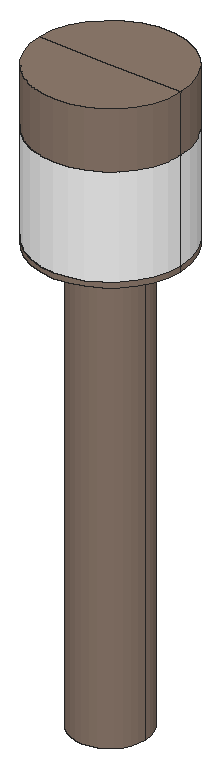
Revit family "BL6591", category Generic Models, Revit 2014
Parameters
  TOP CAP = Bronze, Architectural
  LENS = Acrylic
  BODY = Bronze, Architectural
Reference planes (in)
  plane 1 "Center (Front/Back)": y = 0
  plane 2: z = 0
  plane 3 "Center (Left/Right)": x = 0
Forms (in)
  Revolve 1, solid, material "Bronze, Architectural" <- "BODY"
    sketch origin (0, 0, 0) x (1, 0, 0) y (0, 0, 1)
      loop
        line (-5, 30.99977) -> (-5, 30.62477) -> (-2.5, 30.62477) -> (-2.5, 0) -> (0, 0) -> (0, 30.99977) -> (-5, 30.99977)
      axis (0, 30.99977) -> (0, 0)
    angle from 0 to 360
  Revolve 2, solid, material "Bronze, Architectural" <- "TOP CAP"
    sketch origin (0, 0, 0) x (1, 0, 0) y (0, 0, 1)
      loop
        line (0, 37.99977) -> (0, 41.99977) -> (-5, 41.99977) -> (-5, 37.99977) -> (0, 37.99977)
      axis (0, 41.99977) -> (0, 37.99977)
    angle from 0 to 360
  Revolve 3, solid, material "Acrylic" <- "LENS"
    sketch origin (0, 0, 0) x (1, 0, 0) y (0, 0, 1)
      loop
        line (-5, 37.99977) -> (-5, 30.99977) -> (0, 30.99977) -> (0, 37.99977) -> (-5, 37.99977)
      axis (0, 37.99977) -> (0, 30.99977)
    angle from 0 to 360
Dimensions and locks (in)
  aligned and locked: plane 2 to level
